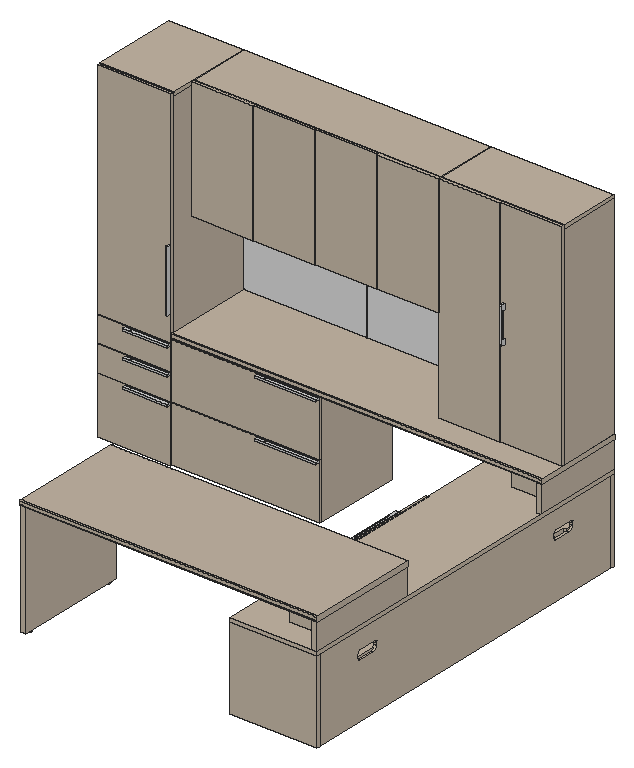
Revit family "FLT016", category Furniture, Revit 2015
Parameters
  Series = "Flux Laminate"
  Model = "JSI"
  Description = "FLT016"
Reference planes (in)
  plane 1 "Center Front/Back": y = 0
  plane 2: z = 0
  plane 3 "Center Left/Right": x = 0
Dimensions and locks (in)
  aligned and locked: level to plane 2
Nested families (in)
  nested 1: "JSI-Flux-Rec_Tbl_Desk-Sec_Sup" at (38.98853, -2.26209, 0), type "FLT2872PDEPR, 72 x 28 Pen Tbl Dsk Sec Supp Right, Laminate"
    with Width 6' - 0", R Pnl H 1' - 9", R yes, Pnl Dist 5' - 0 11/16", L Pnl H 0' - 0 5/16", Gld Pstn 0' - 0 23/32", Depth 2' - 3 1/2"
  nested 2: "JSI-Flux- 21H_File_Strg_Crdnz" at (64.1875, 34.87337, 0) x (0, -1, 0) z (0, 0, 1), type "FLT2290-21F090, Dbl Sldng Dr Crdnz, Laminate"
    with Width 7' - 6", Top Doors no, R_Shocket Dist 1' - 0.29167", R_Pull_Bottom no, R_Pull Dist 4' - 11.61979", R_Pull no, R1_Partition no, L_Socket Dist 1' - 0.29167", Shelf Width 2' - 4.95833", Shelf Array Dist 2' - 5.70833", Partition Dist 2' - 4.95833", L_Pull_Bottom no, L_Pull Dist 2' - 6.38021", L_Pull no, L2_Partition no, F666 no, F090 yes, Ext_Shelf Width 2' - 5.70833", Door Width 2' - 6.33333", Door Height 1' - 8 11/16", Door Dist 2' - 5.83333", Door Array Dist 0' - 0", C_Pull_Bottom no, C_Pull Dist 3' - 9", C_Doors no, # of Shelf 3
  nested 3: "JSI-Flux-Pensl_Crednz" at (21.06413, 60.25, 0), type "FLT2290-29FPC4K, Lt File Pnsl Crdnz, R, Laminate"
    with Width 7' - 6", V_Top_Support_Dist 7' - 4 3/4", R_Door_Void_Dist 0' - 2", Pdst_Depth 1' - 9 3/4", C4 yes, C3 no, L_Door_Void_Dist 0' - 2", H_Top_Support_Dist 6' - 6 3/4", Depth 1' - 10", C_Pull_Dist 3' - 0", C_Pull no
  nested 4: "JSI-Flux-Strg_Tower" at (81.06413, 60.25, 0), type "FLT1630-52STD, 52"h Strg Tower, 2 Dr, Laminate"
    with WB_Shelf_Dist 0' - 8 1/8", Top Width 2' - 5 7/8", Width 2' - 5 7/8", Shelf Width 2' - 4 3/8", Pull Distance 1' - 3 35/64", Part_R_Dist 2' - 5 1/8", L no, Door Width 1' - 2 7/8", Door Array Dist 1' - 3", Back Width 2' - 4 3/8"
  nested 5: "JSI-Flux-Wall_Mount_Dbl_Ht_OH" at (21.18913, 60.25, 22.9977), type "FLT1660-29WSO, Wall Mount Dbl Ht OH, 4 Dr, Laminate"
    with Width 4' - 11 7/8", Shelf Width_L 2' - 4 13/16", Shelf Width_R 2' - 4 13/16", Shelf Dist_R 2' - 6 5/16", Shelf Dist_C 0' - 0 3/4", Partition Distance_R 2' - 5 9/16", Partition Distance_L 2' - 5 9/16", Door Width 1' - 2 7/8", Door Array Distance 1' - 3", Shelf Width_Central 2' - 4 13/16", # of Doors 4
  nested 6: "JSI-Flux-Wall_Mount_Tack_Panel" at (21.06413, 61.83536, -1.18195), type "FLB3024WT, Wall Mount Tack Panel"
    with Width 2' - 6", Height 2' - 0", Depth 0' - 1.56"
  nested 7: "JSI-Flux-Wb_Pm_Ht" at (3.0641, 60.25, -0.21839), type "FLT2218-81F1DL, BBF Strg Cab, L, Laminate"
    with W yes, V_Void_Dist 0' - 2", V_Pull_R_L no, V_Pull_L_R yes, Top_Pull_Dist 0' - 6 29/32", R_Vertical_Pull_Dist 1' - 6 11/32", Partition no, L_Vertical_Pull_Dist 1' - 5 25/32", Hngr_L no, H_Void_Width 1' - 6 1/16", H_Void_Upper_Dist 0' - 2", H_Dist_V_Void 0' - 8 31/32", Top_Shelf_Width 1' - 4 1/2", H_Dist_Bottom_Shelf 0' - 0", F7 no, F2 no, F0 no, F no, C_Shelf_Width 1' - 4 1/2", C_Pull_Dist 0' - 6 29/32", Bottom_Shelf_Width 1' - 4 1/2", Bottom_Pull_Dist 0' - 6 29/32"
  nested 8: "JSI-Flux-Wall_Mount_Tack_Panel" at (51.06413, 61.83536, -1.18004), type "FLB3024WT, Wall Mount Tack Panel"
    with Width 2' - 6", Height 2' - 0", Depth 0' - 1.56"
Definition of nested family "JSI-Flux-Rec_Tbl_Desk-Sec_Sup"
  Parameters (values of type "Type Catalog Family -Table Desk")
    Worksurface = none
    Width = 5' - 0"
    URL = "www.jsifurniture.com"
    Type Comments = ""
    Series = "FLUX"  # constant formula
    R Pnl H = if(R, 1' 9", 0' 0 5/16")  # 0' - 0 5/16"
    R = no
    Pnl Dist = if(R, Width - 0' 11 5/16", 0' 1 5/16")  # 0' - 1 5/16"
    Model = "FLT3466PDN"
    Material = ""
    Manufacturer = "JSI"  # constant formula
    L Pnl H = if(R, 0' 0 5/16", 1' 9")  # 1' - 9"
    Keynote = "12500"
    JSI Enviromental Website = "http://www.jsifurniture.com/jsi_sustainability_intro.php"
    Height = 2' - 5"
    Glides = none
    Gld Pstn = if(R, 0' 0 23/32", Width - 0' 0 23/32")  # 4' - 11 9/32"
    Frame = none
    Description = "66 X 34 Rectangular Peninsula Table Desk with End Leg Assembly and Panel End"
    Depth = 2' - 9 1/2"
    Chassis = none
    Assembly Code = "E2020200"
  Reference planes (in)
    plane 1: z = 0
    plane 2 "Center (Left/Right)": x = -36.06413
    plane 3: z = 29
    plane 4: z = 27.8125
    plane 5 "Center (Front/Back)": y = 10.75
    plane 6: z = 0.3125
    plane 7: y = -22.75
    plane 8: x = 23.93587
  Forms (in)
    Extrusion 1, solid, material <- "Worksurface"
      sketch origin (0, 0, 0) x (0, 1, 0) y (0, 0, 1)
        loop
          arc (10.625, 27.8125) -> (10.71339, 27.84911) -> (10.75, 27.9375) r 0.125
          line (10.75, 27.9375) -> (10.75, 28.875)
          arc (10.75, 28.875) -> (10.71339, 28.96339) -> (10.625, 29) r 0.125
          line (10.625, 29) -> (-22.625, 29)
          arc (-22.625, 29) -> (-22.71339, 28.96339) -> (-22.75, 28.875) r 0.125
          line (-22.75, 28.875) -> (-22.75, 27.9375)
          arc (-22.75, 27.9375) -> (-22.71339, 27.84911) -> (-22.625, 27.8125) r 0.125
          line (-22.625, 27.8125) -> (10.625, 27.8125)
      from -36.06413 to 23.93587
    Extrusion 2, solid, material <- "Glides"
      sketch origin (0, 0, 0) x (1, 0, 0) y (0, 1, 0)
        loop
          circle (23.21712, 8.87431) r 0.55846
        loop
          circle (23.21712, -20.87431) r 0.55846
      from 0 to 0.3125
    Extrusion 3, solid, material <- "Chassis"
      sketch origin (0, 9.92698, 5.11224) x (0, -1, 0) y (0, 0, -1)
        loop
          line (6.30198, -16.70026) -> (5.11448, -16.70026) -> (5.11448, -22.70026) -> (6.30198, -22.70026) -> (6.30198, -16.70026)
      from -34.75163 to 22.62337
    Extrusion 4, solid, material <- "Chassis"
      sketch origin (1.1875, 0, 0) x (1, 0, 0) y (0, 1, 0)
        loop
          line (-35.93913, -15.625) -> (-35.93913, -16.8125) -> (-25.93913, -16.8125) -> (-25.93913, -15.625) -> (-35.93913, -15.625)
      from 21 to 27.8125
    Extrusion 5, solid, material <- "Chassis"
      sketch origin (0, 0, 0) x (1, 0, 0) y (0, 1, 0)
        loop
          line (-35.93913, 10.625) -> (-35.93913, -22.625) -> (-34.75163, -22.625) -> (-34.75163, 10.625) -> (-35.93913, 10.625)
      from 21 to 27.8125
    Extrusion 6, solid, material <- "Chassis"
      sketch origin (0, 0, 0) x (1, 0, 0) y (0, 1, 0)
        loop
          line (22.62337, 10.625) -> (22.62337, -22.625) -> (23.81087, -22.625) -> (23.81087, 10.625) -> (22.62337, 10.625)
      from 0.3125 to 27.8125
  Lines and regions (in)
    symbolic lines
      curve 1: line (-36.06413, -22.75, 0) -> (23.93587, -22.75, 0)
      curve 2: line (-36.06413, 10.75, 0) -> (-36.06413, -22.75, 0)
      curve 3: line (23.93587, 10.75, 0) -> (-36.06413, 10.75, 0)
      curve 4: line (23.93587, -22.75, 0) -> (23.93587, 10.75, 0)
    symbolic lines, detail levels medium+fine
      curve 5: line (-35.93913, 10.625, 0) -> (-35.93913, -22.625, 0)
      curve 6: line (-34.75163, 10.625, 0) -> (-35.93913, 10.625, 0)
      curve 7: line (22.62337, 4.8125, 0) -> (-34.75163, 4.8125, 0)
      curve 8: line (-34.75163, 3.625, 0) -> (22.62337, 3.625, 0)
      curve 9: line (-34.75163, -22.625, 0) -> (-34.75163, 10.625, 0)
      curve 10: line (-35.93913, -22.625, 0) -> (-34.75163, -22.625, 0)
      curve 11: line (-34.72038, -15.625, 0) -> (-24.78288, -15.625, 0)
      curve 12: line (-34.72038, -16.8125, 0) -> (-34.72038, -15.625, 0)
      curve 13: line (-24.78288, -16.8125, 0) -> (-34.72038, -16.8125, 0)
      curve 14: line (-24.78288, -15.625, 0) -> (-24.78288, -16.8125, 0)
      curve 15: line (22.62337, 10.625, 0) -> (22.62337, -22.625, 0)
      curve 16: line (23.81087, 10.625, 0) -> (22.62337, 10.625, 0)
      curve 17: line (23.81087, -22.625, 0) -> (23.81087, 10.625, 0)
      curve 18: line (22.62337, -22.625, 0) -> (23.81087, -22.625, 0)
  Dimensions and locks (in)
    locked: plane 6 to level at 0.3125
    "Depth": plane 7 to plane 5 "Center (Front/Back)"
    locked: plane 3 to plane 4 at 1.1875
    plane 3 to level = 2' - 5"
    "Width": plane 2 "Center (Left/Right)" to plane 8
    locked: Extrusion 2 sketch curve to plane 5 "Center (Front/Back)" at 1.87569
    locked: plane 7 to Extrusion 2 sketch curve at 1.87569
    "Gld Pstn": plane 2 "Center (Left/Right)" to Extrusion 2 sketch curve  (x2)
    plane 5 "Center (Front/Back)" to Extrusion 3 sketch curve to Extrusion 3 sketch curve = 0' - 5 15/16" locked, 0' - 1 3/16" locked
    locked: plane 4 to Extrusion 3 sketch curve at 6
    locked: Extrusion 4 sketch curve to Extrusion 4 sketch curve at 1.1875
    locked: Extrusion 4 sketch curve to Extrusion 4 sketch curve at 10
    "Pnl Dist": plane 2 "Center (Left/Right)" to Extrusion 4
    locked: Extrusion 4 to curve 12 at 0.03125
    locked: curve 14 to Extrusion 4 at 0.03125
    "L Pnl H": Extrusion 5 to level
    "R Pnl H": Extrusion 6 to level
    locked: Extrusion 4 to level at 21
    aligned and locked: level to plane 1
    aligned and locked: Extrusion 1 sketch curve to plane 5 "Center (Front/Back)"
    aligned and locked: plane 3 to Extrusion 1 sketch curve
    aligned and locked: Extrusion 1 sketch curve to plane 4
    aligned and locked: plane 7 to Extrusion 1 sketch curve
    aligned and locked: Extrusion 1 to plane 2 "Center (Left/Right)"
    aligned and locked: plane 8 to Extrusion 1
    aligned and locked: Extrusion 2 to level
    aligned and locked: plane 6 to Extrusion 2
    aligned and locked: curve 2 to plane 2 "Center (Left/Right)"
    aligned and locked: plane 8 to curve 4
    aligned and locked: curve 3 to plane 5 "Center (Front/Back)"
    aligned and locked: plane 7 to curve 1
    aligned and locked: Extrusion 3 sketch curve to plane 4
    aligned and locked: curve 11 to Extrusion 4
    aligned and locked: curve 13 to Extrusion 4
    aligned and locked: plane 4 to Extrusion 4
    aligned and locked: Extrusion 5 sketch curve to curve 6
    aligned and locked: Extrusion 5 sketch curve to curve 5
    aligned and locked: Extrusion 5 sketch curve to curve 9
    aligned and locked: Extrusion 6 sketch curve to curve 16
    aligned and locked: Extrusion 6 sketch curve to curve 15
    aligned and locked: Extrusion 6 sketch curve to curve 18
    aligned and locked: Extrusion 6 sketch curve to curve 17
    aligned and locked: plane 4 to Extrusion 5
    aligned and locked: plane 4 to Extrusion 6
  Automatic sketch dimensions
    curve 5 to curve 9 = 0' - 1 3/16"
    curve 8 to curve 6 = 0' - 7"
    curve 8 to curve 7 = 0' - 1 3/16"
    Extrusion 1 sketch curve to Extrusion 1 sketch curve = 0' - 0 1/8"  (x3)
    plane 4 to Extrusion 1 sketch curve = 0' - 0 1/8"
    Extrusion 4 sketch curve to plane 8 = 4' - 10 11/16"
    Extrusion 4 sketch curve to plane 7 = 0' - 5 15/16"
    plane 2 "Center (Left/Right)" to curve 6 = 0' - 0 1/8"
    plane 5 "Center (Front/Back)" to curve 15 = 0' - 0 1/8"
    curve 15 to plane 8 = 0' - 1 5/16"
    curve 18 to plane 8 = 0' - 0 1/8"
    curve 15 to plane 7 = 0' - 0 1/8"
    curve 10 to plane 7 = 0' - 0 1/8"
    plane 5 "Center (Front/Back)" to curve 6 = 0' - 0 1/8"
    Extrusion 5 sketch curve to plane 7 = 0' - 0 1/8"
    radius of Extrusion 2 sketch curve = 0' - 0.55846"  (x2)
Definition of nested family "JSI-Flux- 21H_File_Strg_Crdnz"
  Parameters (values of type "Type Catalog - File Strg Crdnz")
    Worksurface = none
    Width = 8' - 0"
    URL = "www.jsifurniture.com"
    Type Comments = ""
    Top Doors = if(F909, 1 > 2, (if(F090, 1 > 2, (if(F09, 1 > 2, (if(F0, (if(F6, 2 > 1, 1 > 2)), 2 > 1)))))))  # yes
    TAG = if(F6, "BF", (if(F666, "BF - BF - BF", (if(F66, (if(F0, "Open", "BF - BF")), (if(F066, "Open - BF - BF", (if(F660, "BF - BF - Open", (if(F06, "Open - BF", (if(F60, "BF - Open", (if(F606, "BF - Open - BF", (if(F060, (if(F0, "Open", "Open - BF - Open")), (if(F909, "1 Door - Open - 1 Door", (if(F090, "Open - 1 Door - Open", (if(F09, (if(F0, "Open", "Open - 1 Door")), "Open")))))))))))))))))))))))  # "BF - BF - BF"
    R_Shocket Dist = if(F666, Width + 0' 1", (if(F066, Width + 0' 1", (if(F606, ((Width / 2) - 0' 3"), ((Partition Dist / 2) + 0' 0 13/16" - 0' 3"))))))  # 8' - 1"
    R_Pull_Bottom = if(F660, 1 > 2, (if(F60, 1 > 2, (if(F060, 1 > 2, (if(F909, 1 > 2, (if(F090, 1 > 2, (if(F09, 1 > 2, (if(F0, 1 > 2, 2 > 1)))))))))))))  # yes
    R_Pull Dist = if(F66, (Door Width + 0' 0 1/4" + 0' 0 5/64"), (if(F06, (Door Width + 0' 0 1/4" + 0' 0 5/64"), (Door Width + (Width - ((Door Width + 0' 0 1/8") * 2) + 0' 0 13/64")))))  # 5' - 3.61979"
    R_Pull = if(F660, 1 > 2, (if(F60, 1 > 2, (if(F060, 1 > 2, (if(F090, 1 > 2, (if(F0, 1 > 2, 2 > 1)))))))))  # yes
    R2_Partition = if(F660, 1 > 2, (if(F60, 1 > 2, (if(F09, 1 > 2, (if(Width < 3' 4", 1 > 2, 2 > 1)))))))  # yes
    R1_Partition = if(F06, 1 > 2, (if(F606, 1 > 2, (if(F060, 1 > 2, (if(F909, 1 > 2, (if(F090, 1 > 2, (if(Width < 3' 4", 1 > 2, 2 > 1)))))))))))  # yes
    L_Socket Dist = if(F666, Width + 0' 1", (if(F660, Width + 0' 1", (if(F606, ((Width / 2) - 0' 3"), ((Partition Dist / 2) + 0' 0 13/16" - 0' 3"))))))  # 8' - 1"
    Shelf Width = if(Width < 3' 6", Partition Dist + 0' 0 3/4", (if(F066, Partition Dist + 0' 0 3/4", (if(F660, Partition Dist + 0' 0 3/4", (if(F06, Partition Dist + 0' 0 3/4", (if(F60, Partition Dist + 0' 0 3/4", Partition Dist)))))))))  # 2' - 6.95833"
    Shelf Dist. = if(F660, ((Partition Dist * 2) + 0' 0 3/4" + 0' 0 13/16"), (if(F60, (Partition Dist + 0' 0 3/4" + 0' 0 13/16"), (if(F606, (Partition Dist + 0' 0 3/4" + 0' 0 13/16"), 0' 0 13/16")))))  # 0' - 0 13/16"
    Shelf Array Dist = if(F060, (if(F0, (if(Width > 3' 0", Shelf Width + 0' 0 3/4", 0' 0")), ((Shelf Width * 2) + 0' 1 1/2"))), (if(F909, Shelf Width + 0' 0 3/4", (if(F090, Shelf Width + 0' 0 3/4", 0' 0")))))  # 0' - 0"
    Partition Dist = if(Width > 6' 6", ((Width - 0' 1 5/8" - 0' 1 1/2") / 3), (if(Width > 3' 0", (((Width - 0' 1 5/8") / 2) - 0' 0 3/4"), (Width - 0' 0 3/4" - 0' 1 5/8"))))  # 2' - 6.95833"
    Shelf = none
    Series = "FLUX"  # constant formula
    Pull Finish = none
    Model = ""
    Manufacturer = "JSI"  # constant formula
    L_Pull_Bottom = if(F066, 1 > 2, (if(F06, 1 > 2, (if(F060, 1 > 2, (if(F909, 1 > 2, (if(F090, 1 > 2, (if(F09, 1 > 2, (if(F0, 1 > 2, 2 > 1)))))))))))))  # yes
    L_Pull Dist = Door Width + 0' 0 1/8" - 0' 0 5/64"  # 2' - 8.38021"
    L_Pull = if(F066, 1 > 2, (if(F06, 1 > 2, (if(F060, 1 > 2, (if(F090, 1 > 2, (if(F09, 1 > 2, (if(F0, 1 > 2, 2 > 1)))))))))))  # yes
    L2_Partition = if(F60, 1 > 2, (if(F606, 1 > 2, (if(F060, 1 > 2, (if(F909, 1 > 2, (if(F090, 1 > 2, (if(F09, 1 > 2, (if(Width < 3' 4", 1 > 2, 2 > 1)))))))))))))  # yes
    L1_Partition = if(F066, 1 > 2, (if(F06, 1 > 2, (if(Width < 3' 4", 1 > 2, 2 > 1)))))  # yes
    Keynote = "12500"
    JSI Enviromental Website = "http://www.jsifurniture.com/jsi_sustainability_intro.php"
    Height = 1' - 9 1/4"
    Glides = none
    Glide = if(Width > 3' 0", 2 > 1, 1 > 2)  # yes
    F909 = no
    F666 = yes
    F660 = no
    F66 = no
    F606 = no
    F60 = no
    F6 = no
    F090 = no
    F09 = no
    F066 = no
    F060 = no
    F06 = no
    F0 = no
    Ext_Shelf Width = Shelf Width + 0' 0 3/4"  # 2' - 7.70833"
    Ext_Shelf = if(F09, 2 > 1, (if(F60, 2 > 1, 1 > 2)))  # no
    Door Width = if(F09, Partition Dist + 0' 1 3/8" + 0' 0 3/4", (if(Width < 3' 6", (Width - 0' 0 1/4"), Partition Dist + 0' 1 3/8")))  # 2' - 8.33333"
    Door Height = if(F909, (Height - 0' 0 7/16" - 0' 0 1/8"), (if(F090, (Height - 0' 0 7/16" - 0' 0 1/8"), if(F09, (Height - 0' 0 7/16" - 0' 0 1/8"), 1' 1 9/16"))))  # 1' - 1 9/16"
    Door Dist = if(F066, ((Partition Dist * 2) + 0' 1 5/8"), (if(F06, (Partition Dist + 0' 1 5/8"), (if(F060, (Partition Dist + 0' 0 7/8"), (if(F090, (Partition Dist + 0' 0 7/8"), (if(F09, (Partition Dist + 0' 0 7/8"), 0' 0 1/8")))))))))  # 0' - 0 1/8"
    Door Array Dist = if(F606, (Door Width + Partition Dist + 0' 0 1/8"), (if(F909, (Door Width + Partition Dist + 0' 0 1/8"), (if(F666, (Door Width + Partition Dist + 0' 0 1/8"), (if(F66, (Door Width + 0' 0 1/8"), 0' 0")))))))  # 5' - 3.41667"
    Door = if(F0, (if(F6, 2 > 1, 1 > 2)), 2 > 1)  # yes
    C_Pull_Bottom = if(F666, 2 > 1, (if(F066, 2 > 1, (if(F660, 2 > 1, (if(F6, 2 > 1, (if(F060, (if(F0, 1 > 2, 2 > 1)), 1 > 2)))))))))  # yes
    C_Pull Dist = if(F066, Door Width + 0' 0 1/8" + 0' 7 55/128" + 0' 0 13/64", (if(F660, (Door Width + (Width - ((Door Width + 0' 0 1/8") * 2) - 0' 0 5/64" - 0' 7 55/128")), Width / 2)))  # 4' - 0"
    C_Pull = if(F666, 2 > 1, (if(F066, 2 > 1, (if(F660, 2 > 1, (if(F6, 2 > 1, (if(F090, 2 > 1, (if(F060, (if(F0, 1 > 2, 2 > 1)), 1 > 2)))))))))))  # yes
    C_Doors = if(F666, 2 > 1, (if(F066, 2 > 1, (if(F660, 2 > 1, 1 > 2)))))  # yes
    Back Panel = none
    Door Front = none
    Description = ""
    Depth = 1' - 10"
    Chassis = none
    Assembly Code = "E2020200"
    # of Shelf = if(F909, 3, (if(F090, 3, (if(F0, (if(Width > 6' 6", 3, 2)), 2)))))  # 2
    # of Doors = 2
  Reference planes (in)
    plane 1: z = 0
    plane 2 "Center (Left/Right)": x = -36.06413
    plane 3 "Center (Front/Back)": y = 10.75
    plane 4: x = 59.93587
    plane 5: x = -36.00163
    plane 6: y = 10.6875
    plane 7: x = 59.87337
    plane 8: x = 11.93587
    plane 9: y = 10.625
    plane 10: y = -11.25
    plane 11: y = -11.125
    plane 12: y = -10.375
    plane 13: y = 9.875
    plane 14: y = 8.6875
    plane 15: y = 6.5
    plane 16: y = 6
    plane 17: y = 5.875
    plane 18: y = -6.375
    plane 19: y = -8.125
    plane 20: z = 0.3125
    plane 21: z = 1.5
    plane 22: z = 2.25
    plane 23: z = 21.25
    plane 24: z = 20.5
    plane 25: z = 19.75
    plane 26: z = 17.75
    plane 27: z = 13.625
    plane 28: z = 14
    plane 29: z = 13.25
    plane 30: x = -4.2933
    plane 31: x = 28.16503
    plane 32: x = -3.5433
    plane 33: x = 27.41503
    plane 34: x = -35.25163
    plane 35: x = 59.12337
    plane 36: x = 9.93587
    plane 37: x = 13.93587
    plane 38: y = 8.4375
    plane 39: z = 16.125
    plane 40: x = 60.93587
    plane 41: x = 66.93587
    plane 42: x = 8.93587
    plane 43: x = 14.93587
    plane 44: y = 9.375
    plane 45: y = 6.875
    plane 46: z = 21.125
    plane 47: z = 0.4375
    plane 48: z = 14
    plane 49: x = -35.93913
    plane 50: x = 59.81087
    plane 51: x = -2.7933
    plane 52: x = 26.66503
    plane 53: x = -3.6058
    plane 54: x = -3.4808
    plane 55: x = 27.35253
    plane 56: x = 27.47753
    plane 57: x = -3.25163
    plane 58: x = 27.7067
    plane 59: x = 61.93587
    plane 60: x = 65.93587
    plane 61: x = -43.06413
    plane 62: x = -37.06413
    plane 63: x = -42.06413
    plane 64: x = -38.06413
    plane 65: x = -34.93913
    plane 66: x = 58.12337
    plane 67: y = -9.375
    plane 68: z = 20.92187
    plane 69: z = 13.79688
    plane 70: x = -3.68393
    plane 71: x = 11.93587
    plane 72: x = 27.55566
    plane 73: x = 11.93587
    plane 74: y = 0.15625
    plane 75: x = 11.93587
    plane 76: z = 0.3125
    plane 77: z = 14.125
    plane 78: x = -34.25163
  Forms (in)
    Extrusion 1, solid, material <- "Chassis"
      sketch origin (0, 0, 0) x (1, 0, 0) y (0, 1, 0)
        loop
          line (-36.00163, 10.6875) -> (-36.00163, -10.375) -> (-35.25163, -10.375) -> (-35.25163, 10.6875) -> (-36.00163, 10.6875)
      from 0.3125 to 20.5
    Extrusion 2, solid, material <- "Chassis"
      sketch origin (0, 0, 0) x (1, 0, 0) y (0, 1, 0)
        loop
          line (59.12337, 10.6875) -> (59.12337, -10.375) -> (59.87337, -10.375) -> (59.87337, 10.6875) -> (59.12337, 10.6875)
      from 0.3125 to 20.5
    Extrusion 3, solid, material <- "Worksurface"
      sketch origin (0, 0, 0) x (0, 1, 0) y (0, 0, 1)
        loop
          line (6, 19.75) -> (6, 20.5) -> (-10.375, 20.5) -> (-10.375, 19.75) -> (6, 19.75)
      from -35.25163 to 59.12337
    Extrusion 4, solid, material <- "Chassis"
      sketch origin (0, 0, 0) x (0, 1, 0) y (0, 0, 1)
        loop
          line (9.875, 2.25) -> (-10.375, 2.25) -> (-10.375, 1.5) -> (9.875, 1.5) -> (9.875, 2.25)
      from -35.25163 to 59.12337
    Extrusion 5, solid, material <- "Chassis", visible <- "L1_Partition"
      sketch origin (0, 0, 0) x (0, 1, 0) y (0, 0, 1)
        loop
          line (6.5, 19.75) -> (-10.375, 19.75) -> (-10.375, 2.25) -> (9.875, 2.25) -> (9.875, 17.75) -> (7, 17.75)
          arc (7, 17.75) -> (6.64645, 17.89645) -> (6.5, 18.25) r 0.5
          line (6.5, 18.25) -> (6.5, 19.75)
      from -4.2933 to -3.5433
    Extrusion 6, solid, material <- "Chassis", visible <- "R2_Partition"
      sketch origin (0, 0, 0) x (0, 1, 0) y (0, 0, 1)
        loop
          line (6.5, 19.75) -> (-10.375, 19.75) -> (-10.375, 2.25) -> (9.875, 2.25) -> (9.875, 17.75) -> (7, 17.75)
          arc (7, 17.75) -> (6.64645, 17.89645) -> (6.5, 18.25) r 0.5
          line (6.5, 18.25) -> (6.5, 19.75)
      from 27.41503 to 28.16503
    Extrusion 7, solid, material <- "Back Panel"
      sketch origin (0, 0, 0) x (0, 1, 0) y (0, 0, 1)
        loop
          line (8.6875, 20.5) -> (8.6875, 17.75) -> (9.875, 17.75) -> (9.875, 20.5) -> (8.6875, 20.5)
      from -35.25163 to 59.12337
    Extrusion 8, solid, material <- "Chassis"
      sketch origin (0, 0, 0) x (0, 1, 0) y (0, 0, 1)
        loop
          line (9.875, 1.5) -> (5.875, 1.5) -> (5.875, 0.3125) -> (9.875, 0.3125) -> (9.875, 1.5)
      from -35.25163 to 59.12337
    Extrusion 9, solid, material <- "Chassis"
      sketch origin (0, 0, 0) x (0, 1, 0) y (0, 0, 1)
        loop
          line (-6.375, 1.5) -> (-10.375, 1.5) -> (-10.375, 0.3125) -> (-6.375, 0.3125) -> (-6.375, 1.5)
      from -35.25163 to 59.12337
    Extrusion 10, solid, material <- "Shelf"
      sketch origin (-32, 0, -1.03125) x (1, 0, 0) y (0, 1, 0)
        loop
          line (27.7067, -8.125) -> (27.7067, 9.875) -> (-3.25163, 9.875) -> (-3.25163, -8.125) -> (27.7067, -8.125)
      from 14.28125 to 15.03125
    Extrusion 11, solid, material <- "Back Panel"
      sketch origin (0, 0, 0) x (1, 0, 0) y (0, 1, 0)
        loop
          line (59.12337, 10.625) -> (-35.25163, 10.625) -> (-35.25163, 9.875) -> (59.12337, 9.875) -> (59.12337, 10.625)
      from 0.3125 to 20.5
    Extrusion 12, solid, material <- "Chassis", visible <- "L2_Partition"
      sketch origin (0, 0, 0) x (0, 1, 0) y (0, 0, 1)
        loop
          line (6.5, 19.75) -> (-10.375, 19.75) -> (-10.375, 2.25) -> (9.875, 2.25) -> (9.875, 17.75) -> (7, 17.75)
          arc (7, 17.75) -> (6.64645, 17.89645) -> (6.5, 18.25) r 0.5
          line (6.5, 18.25) -> (6.5, 19.75)
      from -3.5433 to -2.7933
    Extrusion 13, solid, material <- "Chassis", visible <- "R1_Partition"
      sketch origin (0, 0, 0) x (0, 1, 0) y (0, 0, 1)
        loop
          line (6.5, 19.75) -> (-10.375, 19.75) -> (-10.375, 2.25) -> (9.875, 2.25) -> (9.875, 17.75) -> (7, 17.75)
          arc (7, 17.75) -> (6.64645, 17.89645) -> (6.5, 18.25) r 0.5
          line (6.5, 18.25) -> (6.5, 19.75)
      from 26.66503 to 27.41503
    Extrusion 14, void
      sketch origin (-1.5, 0, 0) x (1, 0, 0) y (0, 0, 1)
        loop
          line (62.43587, 15.125) -> (62.43587, 14.625)
          arc (62.43587, 14.625) -> (62.72876, 13.91789) -> (63.43587, 13.625) r 1
          line (63.43587, 13.625) -> (67.43587, 13.625)
          arc (67.43587, 13.625) -> (68.14297, 13.91789) -> (68.43587, 14.625) r 1
          line (68.43587, 14.625) -> (68.43587, 15.125)
          arc (68.43587, 15.125) -> (68.14297, 15.83211) -> (67.43587, 16.125) r 1
          line (67.43587, 16.125) -> (63.43587, 16.125)
          arc (63.43587, 16.125) -> (62.72876, 15.83211) -> (62.43587, 15.125) r 1
      from -10.75 to -9.875
    Extrusion 15, solid, material <- "Shelf"
      sketch origin (-32, 0, -1.03125) x (1, 0, 0) y (0, 1, 0)
        loop
          line (27.7067, -8.125) -> (27.7067, 9.875) -> (-3.25163, 9.875) -> (-3.25163, -8.125) -> (27.7067, -8.125)
      from 14.28125 to 15.03125
    Extrusion 16, void
      sketch origin (0, 0, 0) x (1, 0, 0) y (0, 1, 0)
        loop
          line (65.93587, 10.75) -> (61.93587, 10.75) -> (61.93587, 9.875)
          arc (61.93587, 9.875) -> (62.08231, 9.52145) -> (62.43587, 9.375) r 0.5
          line (62.43587, 9.375) -> (65.43587, 9.375)
          arc (65.43587, 9.375) -> (65.78942, 9.52145) -> (65.93587, 9.875) r 0.5
          line (65.93587, 9.875) -> (65.93587, 10.75)
      from 13.25 to 14
    Extrusion 17, void
      sketch origin (18, 0, 0) x (1, 0, 0) y (0, 1, 0)
        loop
          line (-56.06413, 10.75) -> (-60.06413, 10.75) -> (-60.06413, 9.875)
          arc (-60.06413, 9.875) -> (-59.91769, 9.52145) -> (-59.56413, 9.375) r 0.5
          line (-59.56413, 9.375) -> (-56.56413, 9.375)
          arc (-56.56413, 9.375) -> (-56.21058, 9.52145) -> (-56.06413, 9.875) r 0.5
          line (-56.06413, 9.875) -> (-56.06413, 10.75)
      from 13.25 to 14
    Extrusion 18, void
      sketch origin (0, 0, 0) x (1, 0, 0) y (0, 0, 1)
        loop
          arc (-42.06413, 16.125) -> (-42.77124, 15.83211) -> (-43.06413, 15.125) r 1
          line (-43.06413, 15.125) -> (-43.06413, 14.625)
          arc (-43.06413, 14.625) -> (-42.77124, 13.91789) -> (-42.06413, 13.625) r 1
          line (-42.06413, 13.625) -> (-38.06413, 13.625)
          arc (-38.06413, 13.625) -> (-37.35703, 13.91789) -> (-37.06413, 14.625) r 1
          line (-37.06413, 14.625) -> (-37.06413, 15.125)
          arc (-37.06413, 15.125) -> (-37.35703, 15.83211) -> (-38.06413, 16.125) r 1
          line (-38.06413, 16.125) -> (-42.06413, 16.125)
      from -10.75 to -9.875
    Extrusion 19, solid, material <- "Door Front", visible <- "C_Doors"
      sketch origin (0, 0, 0) x (1, 0, 0) y (0, 1, 0)
        loop
          line (-3.4808, -10.375) -> (-3.4808, -11.125) -> (27.35253, -11.125) -> (27.35253, -10.375) -> (-3.4808, -10.375)
      from 0.4375 to 14
    Extrusion 20, solid, material <- "Door Front", visible <- "C_Doors"
      sketch origin (0, 0, 0) x (1, 0, 0) y (0, 1, 0)
        loop
          line (-3.4808, -10.375) -> (-3.4808, -11.125) -> (27.35253, -11.125) -> (27.35253, -10.375) -> (-3.4808, -10.375)
      from 14.125 to 21.125
    Extrusion 21, solid, material <- "Door Front", visible <- "Door"
      sketch origin (0, 0, 0) x (1, 0, 0) y (0, 0, 1)
        loop
          line (-35.93913, 14) -> (-35.93913, 0.4375) -> (-3.6058, 0.4375) -> (-3.6058, 14) -> (-35.93913, 14)
      from 10.375 to 11.125
    Extrusion 22, solid, material <- "Door Front", visible <- "Top Doors"
      sketch origin (0, 0, -6.5625) x (1, 0, 0) y (0, 0, 1)
        loop
          line (-35.93913, 27.6875) -> (-35.93913, 20.6875) -> (-3.6058, 20.6875) -> (-3.6058, 27.6875) -> (-35.93913, 27.6875)
      from 10.375 to 11.125
    Extrusion 23, solid, material <- "Door Front", visible <- "Door"
      sketch origin (63.41667, 0, 0) x (1, 0, 0) y (0, 0, 1)
        loop
          line (-35.93913, 14) -> (-35.93913, 0.4375) -> (-3.6058, 0.4375) -> (-3.6058, 14) -> (-35.93913, 14)
      from 10.375 to 11.125
    Extrusion 24, solid, material <- "Door Front", visible <- "Top Doors"
      sketch origin (63.41667, 0, -6.5625) x (1, 0, 0) y (0, 0, 1)
        loop
          line (-35.93913, 27.6875) -> (-35.93913, 20.6875) -> (-3.6058, 20.6875) -> (-3.6058, 27.6875) -> (-35.93913, 27.6875)
      from 10.375 to 11.125
    Extrusion 25, solid, material <- "Worksurface"
      sketch origin (0, 0, 0) x (0, 1, 0) y (0, 0, 1)
        loop
          line (10.75, 21.25) -> (-10.375, 21.25) -> (-10.375, 20.5) -> (10.75, 20.5) -> (10.75, 21.25)
      from -36.06413 to 59.93587
    Extrusion 26, solid, material <- "Shelf", visible <- "Ext_Shelf"
      sketch origin (0, 0, 0) x (1, 0, 0) y (0, 1, 0)
        loop
          line (59.12337, 9.875) -> (27.41503, 9.875) -> (27.41503, -8.125) -> (59.12337, -8.125) -> (59.12337, 9.875)
      from 13.25 to 14
    Extrusion 27, solid, material <- "Glides"
      sketch origin (0, 0, 0) x (1, 0, 0) y (0, 1, 0)
        loop
          circle (-34.25163, 8.6875) r 0.5
      from 0 to 0.3125
    Extrusion 28, solid, material <- "Glides", visible <- "Glide"
      sketch origin (0, 0, 0) x (1, 0, 0) y (0, 1, 0)
        loop
          circle (-3.5433, 8.6875) r 0.5
      from 0 to 0.3125
    Extrusion 29, solid, material <- "Glides", visible <- "Glide"
      sketch origin (0, 0, 0) x (1, 0, 0) y (0, 1, 0)
        loop
          circle (27.47753, 8.6875) r 0.5
      from 0 to 0.3125
    Extrusion 30, solid, material <- "Glides"
      sketch origin (0, 0, 0) x (1, 0, 0) y (0, 1, 0)
        loop
          circle (58.12337, 8.6875) r 0.5
      from 0 to 0.3125
    Extrusion 31, solid, material <- "Glides"
      sketch origin (0, 0, 0) x (1, 0, 0) y (0, 1, 0)
        loop
          circle (-34.25163, -9.375) r 0.5
      from 0 to 0.3125
    Extrusion 32, solid, material <- "Glides", visible <- "Glide"
      sketch origin (0, 0, 0) x (1, 0, 0) y (0, 1, 0)
        loop
          circle (-3.5433, -9.375) r 0.5
      from 0 to 0.3125
    Extrusion 33, solid, material <- "Glides", visible <- "Glide"
      sketch origin (0, 0, 0) x (1, 0, 0) y (0, 1, 0)
        loop
          circle (27.47753, -9.375) r 0.5
      from 0 to 0.3125
    Extrusion 34, solid, material <- "Glides"
      sketch origin (0, 0, 0) x (1, 0, 0) y (0, 1, 0)
        loop
          circle (58.12337, -9.375) r 0.5
      from 0 to 0.3125
  Cuts and joins
    Extrusion 14, Extrusion 18 cuts Extrusion 11
    Extrusion 16, Extrusion 17 cuts Extrusion 10
    Extrusion 16, Extrusion 17 cuts Extrusion 15
  Lines and regions (in)
    symbolic lines
      curve 1: line (59.93587, 10.75, 0) -> (-36.06413, 10.75, 0)
      curve 2: line (-36.06413, 10.75, 0) -> (-36.06413, -11.25, 0)
      curve 3: line (59.93587, -11.25, 0) -> (-36.06413, -11.25, 0)
      curve 4: line (59.93587, 10.75, 0) -> (59.93587, -11.25, 0)
    symbolic lines, detail levels medium+fine
      curve 5: line (-36.00163, 10.6875, 0) -> (-36.00163, -10.375, 0)
      curve 6: line (-35.25163, 10.6875, 0) -> (-36.00163, 10.6875, 0)
      curve 7: line (-35.25163, 10.6875, 0) -> (-35.25163, -10.375, 0)
      curve 8: line (-35.25163, -10.375, 0) -> (-36.00163, -10.375, 0)
      curve 9: line (59.12337, 10.6875, 0) -> (59.12337, -10.375, 0)
      curve 10: line (59.87337, 10.6875, 0) -> (59.87337, -10.375, 0)
      curve 11: line (59.87337, 10.6875, 0) -> (59.12337, 10.6875, 0)
      curve 12: line (59.12337, 10.625, 0) -> (-35.25163, 10.625, 0)
      curve 13: line (59.12337, 9.875, 0) -> (-35.25163, 9.875, 0)
      curve 30: line (59.87337, -10.375, 0) -> (59.12337, -10.375, 0)
    symbolic lines, visible <- "L1_Partition", detail levels medium+fine
      curve 14: line (-4.2933, 9.875, 0) -> (-4.2933, -10.375, 0)
      curve 15: line (-3.5433, 9.875, 0) -> (-3.5433, -10.375, 0)
      curve 16: line (-3.5433, 9.875, 0) -> (-4.2933, 9.875, 0)
      curve 17: line (-3.5433, -10.375, 0) -> (-4.2933, -10.375, 0)
    symbolic lines, visible <- "L2_Partition", detail levels medium+fine
      curve 18: line (-3.5433, 9.875, 0) -> (-3.5433, -10.375, 0)
      curve 19: line (-2.7933, 9.875, 0) -> (-2.7933, -10.375, 0)
      curve 20: line (-2.7933, 9.875, 0) -> (-3.5433, 9.875, 0)
      curve 21: line (-2.7933, -10.375, 0) -> (-3.5433, -10.375, 0)
    symbolic lines, visible <- "R1_Partition", detail levels medium+fine
      curve 22: line (26.66503, 9.875, 0) -> (26.66503, -10.375, 0)
      curve 23: line (27.41503, 9.875, 0) -> (27.41503, -10.375, 0)
      curve 24: line (27.41503, 9.875, 0) -> (26.66503, 9.875, 0)
      curve 25: line (27.41503, -10.375, 0) -> (26.66503, -10.375, 0)
    symbolic lines, visible <- "R2_Partition", detail levels medium+fine
      curve 26: line (27.41503, 9.875, 0) -> (27.41503, -10.375, 0)
      curve 27: line (28.16503, 9.875, 0) -> (28.16503, -10.375, 0)
      curve 28: line (28.16503, -10.375, 0) -> (27.41503, -10.375, 0)
      curve 29: line (28.16503, 9.875, 0) -> (27.41503, 9.875, 0)
  Dimensions and locks (in)
    plane 2 "Center (Left/Right)" to plane 5 to plane 49 = 0' - 0 1/16" locked, 0' - 0 1/16" locked
    plane 50 to plane 7 to plane 4 = 0' - 0 1/16" locked, 0' - 0 1/16" locked
    "Width": plane 2 "Center (Left/Right)" to plane 4
    equal spacing: plane 2 "Center (Left/Right)", plane 8, plane 4
    plane 14 to plane 13 to plane 9 to plane 6 to plane 3 "Center (Front/Back)" = 0' - 1 3/16" locked, 0' - 0 3/4" locked, 0' - 0 1/16" locked, 0' - 0 1/16" locked
    "Depth": plane 10 to plane 3 "Center (Front/Back)"
    plane 10 to plane 11 to plane 12 = 0' - 0 1/8" locked, 0' - 0 3/4" locked
    plane 16 to plane 15 to plane 13 = 0' - 0 1/2" locked, 0' - 3 3/8" locked
    locked: plane 17 to plane 13 at 4
    locked: plane 12 to plane 18 at 4
    locked: plane 12 to plane 19 at 2.25
    locked: plane 23 to plane 24 at 0.75
    plane 24 to plane 25 to plane 26 = 0' - 0 3/4" locked, 0' - 2" locked
    locked: plane 22 to plane 21 at 0.75
    locked: plane 28 to plane 29 at 0.75
    plane 30 to plane 32 to plane 51 = 0' - 0 3/4" locked, 0' - 0 3/4" locked
    plane 52 to plane 33 to plane 31 = 0' - 0 3/4" locked, 0' - 0 3/4" locked
    locked: plane 5 to plane 34 at 0.75
    locked: plane 35 to plane 7 at 0.75
    locked: plane 36 to plane 37 at 4
    equal spacing: plane 36, plane 8, plane 37
    locked: plane 38 to plane 13 at 1.4375
    locked: plane 39 to plane 27 at 2.5
    locked: plane 40 to plane 41 at 6
    locked: plane 42 to plane 43 at 6
    equal spacing: plane 42, plane 8, plane 43
    plane 45 to plane 44 to plane 13 = 0' - 2 1/2" locked, 0' - 0 1/2" locked
    locked: plane 47 to plane 20 at 0.125
    locked: plane 48 to plane 47 at 13.5625
    plane 53 to plane 32 to plane 54 = 0' - 0 1/16" locked, 0' - 0 1/16" locked
    plane 55 to plane 33 to plane 56 = 0' - 0 1/16" locked, 0' - 0 1/16" locked
    "Partition Dist": plane 34 to plane 30
    "Partition Dist": plane 31 to plane 35
    Extrusion 14 sketch curve to Extrusion 14 sketch curve = 0' - 6"
    "Shelf Width": plane 57 to plane 58
    group 1 to group 2 = 0' - 0"  (x3)
    "Shelf Array Dist": Extrusion 10 to Extrusion 15
    "Shelf Dist.": plane 2 "Center (Left/Right)" to Extrusion 10
    locked: plane 40 to plane 59 at 1
    locked: plane 60 to plane 41 at 1
    locked: plane 61 to plane 62 at 6
    locked: plane 61 to plane 63 at 1
    locked: plane 64 to plane 62 at 1
    "L_Socket Dist": plane 2 "Center (Left/Right)" to plane 40
    "R_Shocket Dist": plane 62 to plane 4
    "Shelf Width": Extrusion 10 sketch curve to Extrusion 10 sketch curve
    "Shelf Width": Extrusion 15 sketch curve to Extrusion 15 sketch curve
    "Door Height": Extrusion 21 sketch curve to Extrusion 21 sketch curve
    "Door Width": Extrusion 21 sketch curve to Extrusion 21 sketch curve
    "Door Width": Extrusion 22 sketch curve to Extrusion 22 sketch curve
    "Door Height": Extrusion 23 sketch curve to Extrusion 23 sketch curve
    "Door Width": Extrusion 23 sketch curve to Extrusion 23 sketch curve
    group 3 to group 4 = 5' - 3.41667"
    group 3 to group 4 = 0' - 0"  (x2)
    "Door Array Dist": Extrusion 21 to Extrusion 23
    "Door Dist": Extrusion 21 to plane 2 "Center (Left/Right)"
    "Door Width": Extrusion 24 sketch curve to Extrusion 24 sketch curve
    group 5 to group 6 = 5' - 3.41667"
    group 5 to group 6 = 0' - 0"  (x2)
    "Door Array Dist": Extrusion 22 to Extrusion 24
    "Door Dist": Extrusion 22 to plane 2 "Center (Left/Right)"
    locked: plane 49 to plane 65 at 1
    locked: plane 66 to plane 35 at 1
    locked: plane 12 to plane 67 at 1
    locked: plane 48 to plane 69 at 0.20312
    locked: plane 46 to plane 68 at 0.20313
    "L_Pull Dist": plane 2 "Center (Left/Right)" to plane 70
    "C_Pull Dist": plane 2 "Center (Left/Right)" to plane 71
    "R_Pull Dist": plane 2 "Center (Left/Right)" to plane 72
    equal spacing: plane 2 "Center (Left/Right)", plane 73, plane 4
    equal spacing: plane 12, plane 74, plane 6
    equal spacing: plane 2 "Center (Left/Right)", plane 75, plane 4
    locked: plane 21 to plane 20 at 1.1875
    "Ext_Shelf Width": Extrusion 26 sketch curve to Extrusion 26 sketch curve
    locked: plane 76 to plane 1 at 0.3125
    locked: plane 23 to plane 46 at 0.125
    locked: plane 46 to plane 77 at 7
    locked: plane 26 to plane 39 at 1.625
    "Height": plane 23 to plane 1
    locked: plane 34 to plane 78 at 1
    radius of Extrusion 27 sketch curve = 0' - 0 1/2"
    radius of Extrusion 28 sketch curve = 0' - 0 1/2"
    radius of Extrusion 29 sketch curve = 0' - 0 1/2"
    radius of Extrusion 30 sketch curve = 0' - 0 1/2"
    radius of Extrusion 31 sketch curve = 0' - 0 1/2"
    radius of Extrusion 32 sketch curve = 0' - 0 1/2"
    radius of Extrusion 33 sketch curve = 0' - 0 1/2"
    radius of Extrusion 34 sketch curve = 0' - 0 1/2"
    aligned and locked: level to plane 1
    aligned and locked: Extrusion 1 sketch curve to plane 5
    aligned and locked: Extrusion 1 sketch curve to plane 6
    aligned and locked: Extrusion 1 sketch curve to plane 34
    aligned and locked: Extrusion 1 sketch curve to plane 12
    aligned and locked: Extrusion 2 sketch curve to plane 35
    aligned and locked: Extrusion 2 sketch curve to plane 7
    aligned and locked: Extrusion 2 sketch curve to plane 6
    aligned and locked: Extrusion 2 sketch curve to plane 12
    aligned and locked: plane 24 to Extrusion 1
    aligned and locked: Extrusion 1 to plane 20
    aligned and locked: plane 24 to Extrusion 2
    aligned and locked: Extrusion 2 to plane 20
    aligned and locked: plane 25 to Extrusion 3 sketch curve
    aligned and locked: plane 24 to Extrusion 3 sketch curve
    aligned and locked: plane 16 to Extrusion 3 sketch curve
    aligned and locked: plane 12 to Extrusion 3 sketch curve
    aligned and locked: Extrusion 3 to plane 34
    aligned and locked: plane 35 to Extrusion 3
    aligned and locked: plane 22 to Extrusion 4 sketch curve
    aligned and locked: plane 21 to Extrusion 4 sketch curve
    aligned and locked: plane 13 to Extrusion 4 sketch curve
    aligned and locked: plane 12 to Extrusion 4 sketch curve
    aligned and locked: Extrusion 4 to plane 34
    aligned and locked: plane 35 to Extrusion 4
    aligned and locked: plane 25 to Extrusion 5 sketch curve
    aligned and locked: plane 15 to Extrusion 5 sketch curve
    aligned and locked: plane 26 to Extrusion 5 sketch curve
    aligned and locked: plane 13 to Extrusion 5 sketch curve
    aligned and locked: plane 22 to Extrusion 5 sketch curve
    aligned and locked: plane 12 to Extrusion 5 sketch curve
    aligned and locked: Extrusion 5 to plane 30
    aligned and locked: plane 32 to Extrusion 5
    aligned and locked: plane 25 to Extrusion 6 sketch curve
    aligned and locked: plane 12 to Extrusion 6 sketch curve
    aligned and locked: plane 15 to Extrusion 6 sketch curve
    aligned and locked: plane 26 to Extrusion 6 sketch curve
    aligned and locked: plane 13 to Extrusion 6 sketch curve
    aligned and locked: plane 22 to Extrusion 6 sketch curve
    aligned and locked: plane 31 to Extrusion 6
    aligned and locked: Extrusion 6 to plane 33
    aligned and locked: plane 14 to Extrusion 7 sketch curve
    aligned and locked: plane 13 to Extrusion 7 sketch curve
    aligned and locked: plane 24 to Extrusion 7 sketch curve
    aligned and locked: plane 26 to Extrusion 7 sketch curve
    aligned and locked: Extrusion 7 to plane 34
    aligned and locked: plane 35 to Extrusion 7
    aligned and locked: plane 13 to Extrusion 8 sketch curve
    aligned and locked: plane 17 to Extrusion 8 sketch curve
    aligned and locked: plane 20 to Extrusion 8 sketch curve
    aligned and locked: plane 21 to Extrusion 8 sketch curve
    aligned and locked: plane 18 to Extrusion 9 sketch curve
    aligned and locked: plane 12 to Extrusion 9 sketch curve
    aligned and locked: plane 21 to Extrusion 9 sketch curve
    aligned and locked: plane 20 to Extrusion 9 sketch curve
    aligned and locked: Extrusion 8 to plane 34
    aligned and locked: Extrusion 9 to plane 34
    aligned and locked: plane 35 to Extrusion 8
    aligned and locked: plane 35 to Extrusion 9
    aligned and locked: plane 28 to Extrusion 10
    aligned and locked: Extrusion 11 sketch curve to plane 9
    aligned and locked: Extrusion 11 sketch curve to plane 13
    aligned and locked: Extrusion 11 sketch curve to plane 34
    aligned and locked: Extrusion 11 sketch curve to plane 35
    aligned and locked: Extrusion 11 to plane 20
    aligned and locked: plane 24 to Extrusion 11
    aligned and locked: plane 25 to Extrusion 12 sketch curve
    aligned and locked: plane 12 to Extrusion 12 sketch curve
    aligned and locked: plane 13 to Extrusion 12 sketch curve
    aligned and locked: plane 22 to Extrusion 12 sketch curve
    aligned and locked: plane 15 to Extrusion 12 sketch curve
    aligned and locked: plane 26 to Extrusion 12 sketch curve
    aligned and locked: Extrusion 12 to plane 32
    aligned and locked: plane 51 to Extrusion 12
    aligned and locked: plane 25 to Extrusion 13 sketch curve
    aligned and locked: plane 12 to Extrusion 13 sketch curve
    aligned and locked: plane 13 to Extrusion 13 sketch curve
    aligned and locked: plane 22 to Extrusion 13 sketch curve
    aligned and locked: plane 15 to Extrusion 13 sketch curve
    aligned and locked: plane 26 to Extrusion 13 sketch curve
    aligned and locked: plane 33 to Extrusion 13
    aligned and locked: Extrusion 13 to plane 52
    aligned and locked: Extrusion 14 to plane 3 "Center (Front/Back)"
    aligned and locked: plane 13 to Extrusion 14
    aligned and locked: cut or joined group of Extrusion 11, Extrusion 14, Extrusion 18 to plane 40
    aligned and locked: plane 41 to cut or joined group of Extrusion 11, Extrusion 14, Extrusion 18
    aligned and locked: Extrusion 16 sketch curve to plane 3 "Center (Front/Back)"
    aligned and locked: Extrusion 16 sketch curve to plane 44
    aligned and locked: Extrusion 16 sketch curve to plane 59
    aligned and locked: Extrusion 16 sketch curve to plane 60
    aligned and locked: plane 28 to Extrusion 16
    aligned and locked: Extrusion 16 to plane 29
    aligned and locked: Extrusion 17 sketch curve to plane 63
    aligned and locked: Extrusion 17 sketch curve to plane 64
    aligned and locked: Extrusion 17 sketch curve to plane 3 "Center (Front/Back)"
    aligned and locked: Extrusion 17 sketch curve to plane 44
    aligned and locked: Extrusion 18 sketch curve to plane 39
    aligned and locked: Extrusion 18 sketch curve to plane 27
    aligned and locked: Extrusion 18 sketch curve to plane 61
    aligned and locked: Extrusion 18 sketch curve to plane 62
    aligned and locked: Extrusion 18 to plane 3 "Center (Front/Back)"
    aligned and locked: plane 13 to Extrusion 18
    aligned and locked: Extrusion 19 sketch curve to plane 54
    aligned and locked: Extrusion 19 sketch curve to plane 55
    aligned and locked: Extrusion 19 sketch curve to plane 12
    aligned and locked: Extrusion 19 sketch curve to plane 11
    aligned and locked: Extrusion 20 sketch curve to plane 54
    aligned and locked: Extrusion 20 sketch curve to plane 55
    aligned and locked: Extrusion 20 sketch curve to plane 12
    aligned and locked: Extrusion 20 sketch curve to plane 11
    aligned and locked: plane 46 to Extrusion 20
    aligned and locked: Extrusion 19 to plane 47
    aligned and locked: Extrusion 22 to plane 12
    aligned and locked: Extrusion 21 to plane 12
    aligned and locked: plane 11 to Extrusion 22
    aligned and locked: plane 11 to Extrusion 21
    aligned and locked: plane 46 to Extrusion 22
    aligned and locked: plane 46 to Extrusion 24
    aligned and locked: Extrusion 21 to plane 47  (x3)
    aligned and locked: plane 3 "Center (Front/Back)" to Extrusion 25 sketch curve
    aligned and locked: plane 23 to Extrusion 25 sketch curve
    aligned and locked: plane 24 to Extrusion 25 sketch curve
    aligned and locked: Extrusion 25 to plane 2 "Center (Left/Right)"
    aligned and locked: plane 4 to Extrusion 25
    aligned and locked: curve 1 to plane 3 "Center (Front/Back)"
    aligned and locked: curve 2 to plane 2 "Center (Left/Right)"
    aligned and locked: curve 3 to plane 10
    aligned and locked: curve 4 to plane 4
    aligned and locked: plane 68 to nested 1
    aligned and locked: plane 70 to nested 1
    aligned and locked: plane 69 to nested 2
    aligned and locked: plane 70 to nested 2
    aligned and locked: plane 71 to nested 3
    aligned and locked: plane 71 to nested 4
    aligned and locked: plane 69 to nested 4
    aligned and locked: plane 68 to nested 3
    aligned and locked: nested 5 to plane 72
    aligned and locked: nested 6 to plane 72
    aligned and locked: plane 69 to nested 6
    aligned and locked: plane 68 to nested 5
    aligned and locked: plane 11 to nested 1
    aligned and locked: plane 11 to nested 3
    aligned and locked: plane 11 to nested 5
    aligned and locked: plane 11 to nested 2
    aligned and locked: plane 11 to nested 4
    aligned and locked: plane 11 to nested 6
    aligned and locked: plane 10 to nested 7
    aligned and locked: plane 73 to nested 7
    aligned and locked: curve 5 to plane 5
    aligned and locked: curve 6 to plane 6
    aligned and locked: curve 7 to plane 34
    aligned and locked: curve 8 to plane 12
    aligned and locked: curve 9 to plane 35
    aligned and locked: curve 10 to plane 7
    aligned and locked: curve 11 to plane 6
    aligned and locked: plane 34 to curve 12
    aligned and locked: plane 35 to curve 12
    aligned and locked: plane 35 to curve 13
    aligned and locked: curve 14 to plane 30
    aligned and locked: curve 15 to plane 32
    aligned and locked: curve 16 to plane 13
    aligned and locked: curve 17 to plane 12
    aligned and locked: curve 19 to plane 51
    aligned and locked: curve 20 to plane 13
    aligned and locked: curve 21 to plane 12
    aligned and locked: curve 22 to plane 52
    aligned and locked: curve 24 to plane 13
    aligned and locked: curve 25 to plane 12
    aligned and locked: curve 26 to plane 33
    aligned and locked: curve 27 to plane 31
    aligned and locked: curve 28 to plane 12
    aligned and locked: curve 29 to plane 13
    aligned and locked: plane 48 to Extrusion 19
    aligned and locked: Extrusion 23 to plane 47  (x2)
    aligned and locked: plane 28 to Extrusion 15
    aligned and locked: plane 28 to plane 48
    aligned and locked: plane 28 to Extrusion 17
    aligned and locked: Extrusion 17 to plane 29
    aligned and locked: Extrusion 26 sketch curve to plane 13
    aligned and locked: Extrusion 26 sketch curve to plane 35
    aligned and locked: Extrusion 26 sketch curve to plane 19
    aligned and locked: plane 48 to Extrusion 26
    aligned and locked: Extrusion 26 to plane 29
    aligned and locked: Extrusion 22 to plane 77
    aligned and locked: Extrusion 20 to plane 77
    aligned and locked: plane 12 to Extrusion 25 sketch curve
    aligned and locked: Extrusion 27 to plane 1
    aligned and locked: Extrusion 31 to plane 1
    aligned and locked: plane 76 to Extrusion 27
    aligned and locked: plane 76 to Extrusion 31
    aligned and locked: Extrusion 28 to plane 1
    aligned and locked: Extrusion 32 to plane 1
    aligned and locked: plane 76 to Extrusion 28
    aligned and locked: plane 76 to Extrusion 32
    aligned and locked: Extrusion 29 to plane 1
    aligned and locked: Extrusion 33 to plane 1
    aligned and locked: plane 76 to Extrusion 29
    aligned and locked: plane 76 to Extrusion 33
    aligned and locked: plane 1 to Extrusion 30
    aligned and locked: plane 1 to Extrusion 34
    aligned and locked: plane 20 to Extrusion 30
    aligned and locked: plane 20 to Extrusion 34
    aligned and locked: curve 30 to plane 12
  Automatic sketch dimensions
    Extrusion 5 sketch curve to plane 45 = 0' - 0 1/8"
    Extrusion 6 sketch curve to plane 45 = 0' - 0 1/8"
    Extrusion 12 sketch curve to plane 45 = 0' - 0 1/8"
    Extrusion 13 sketch curve to plane 45 = 0' - 0 1/8"
    plane 13 to Extrusion 16 sketch curve = 0' - 0"  (x2)
    plane 13 to Extrusion 17 sketch curve = 0' - 0"  (x2)
    Extrusion 18 sketch curve to plane 63 = 0' - 0"  (x2)
    Extrusion 18 sketch curve to plane 64 = 0' - 0"  (x2)
    Extrusion 14 sketch curve to plane 40 = 0' - 0"
    Extrusion 14 sketch curve to plane 27 = 0' - 0"
    Extrusion 14 sketch curve to plane 59 = 0' - 0"  (x2)
    Extrusion 14 sketch curve to plane 39 = 0' - 0"
    Extrusion 14 sketch curve to plane 60 = 0' - 0"  (x2)
    Extrusion 10 sketch curve to Extrusion 10 sketch curve = 1' - 6"
    Extrusion 15 sketch curve to Extrusion 15 sketch curve = 1' - 6"
    plane 13 to curve 13 = 0' - 0"
    plane 9 to curve 12 = 0' - 0"
    Extrusion 22 sketch curve to Extrusion 22 sketch curve = 0' - 7"
    Extrusion 24 sketch curve to Extrusion 24 sketch curve = 0' - 7"
    plane 14 to Extrusion 27 sketch curve = 0' - 0"
    Extrusion 27 sketch curve to plane 78 = 0' - 0"
    plane 14 to Extrusion 28 sketch curve = 0' - 0"
    Extrusion 28 sketch curve to plane 32 = 0' - 0"
    plane 14 to Extrusion 29 sketch curve = 0' - 0"
    Extrusion 29 sketch curve to plane 56 = 0' - 0"
    plane 14 to Extrusion 30 sketch curve = 0' - 0"
    Extrusion 30 sketch curve to plane 66 = 0' - 0"
    plane 67 to Extrusion 31 sketch curve = 0' - 0"
    Extrusion 31 sketch curve to plane 78 = 0' - 0"
    Extrusion 32 sketch curve to plane 32 = 0' - 0"
    plane 67 to Extrusion 32 sketch curve = 0' - 0"
    Extrusion 33 sketch curve to plane 56 = 0' - 0"
    plane 67 to Extrusion 33 sketch curve = 0' - 0"
    Extrusion 34 sketch curve to plane 66 = 0' - 0"
    plane 67 to Extrusion 34 sketch curve = 0' - 0"
  Nested families (in)
    nested 1: "Bar Pull C_Long" at (-14.35519, -11.125, 20.92187), visible <- "L_Pull", Pull Finish <- "Pull Finish", Pull Lines <- "L_Pull", type "PL"
      with Pull Lines yes, Pull Finish none
    nested 2: "Bar Pull C_Long" at (-14.35519, -11.125, 13.79688), Pull Finish <- "Pull Finish", visible <- "L_Pull_Bottom", Pull Lines <- "L_Pull_Bottom", type "PL"
      with Pull Lines yes, Pull Finish none
    nested 3: "Bar Pull C_Long" at (8.69374, -11.125, 20.92187), visible <- "C_Pull", Pull Finish <- "Pull Finish", Pull Lines <- "C_Pull", type "PL"
      with Pull Lines yes, Pull Finish none
    nested 4: "Bar Pull C_Long" at (8.69374, -11.125, 13.79688), Pull Finish <- "Pull Finish", Pull Lines <- "C_Pull_Bottom", visible <- "C_Pull_Bottom", type "PL"
      with Pull Lines yes, Pull Finish none
    nested 5: "Bar Pull C_Long" at (31.74267, -11.125, 20.92187), visible <- "R_Pull", Pull Finish <- "Pull Finish", Pull Lines <- "R_Pull", type "PL"
      with Pull Lines yes, Pull Finish none
    nested 6: "Bar Pull C_Long" at (31.74267, -11.125, 13.79688), Pull Finish <- "Pull Finish", Pull Lines <- "R_Pull_Bottom", visible <- "R_Pull_Bottom", type "PL"
      with Pull Lines yes, Pull Finish none
    nested 7: "Label 1-16" at (11.93587, -11.25, 0), type "DRWCFG"
  Definition of nested family "Bar Pull C_Long"
    Parameters
      Stud = Long Pull Width / 7  # 0' - 2.12261"
      Pull Lines [instance] = yes
      Long Pull Width = 1' - 2.85827"
      Pull Finish [instance] = none
    Reference planes (in)
      plane 1 "Center Front/Back": y = 0
      plane 2: z = 0
      plane 3 "Center Left/Right": x = 3.24213
      plane 4: y = -0.125
    Forms (in)
      Extrusion 1, solid, material <- "Pull Finish"
        sketch origin (0, 0, 0) x (1, 0, 0) y (0, 1, 0)
          loop
            line (-4.18701, 0) -> (-4.18701, -0.85113)
            arc (-4.18701, -0.85113) -> (-4.15955, -0.91742) -> (-4.09326, -0.94488) r 0.09375
            line (-4.09326, -0.94488) -> (10.59252, -0.94488)
            arc (10.59252, -0.94488) -> (10.6482, -0.92182) -> (10.67126, -0.86614) r 0.07874
            line (10.67126, -0.86614) -> (10.67126, 0) -> (8.54865, 0) -> (8.54865, -0.70177)
            arc (8.54865, -0.70177) -> (8.51204, -0.79016) -> (8.42365, -0.82677) r 0.125
            line (8.42365, -0.82677) -> (-1.9394, -0.82677)
            arc (-1.9394, -0.82677) -> (-2.02779, -0.79016) -> (-2.0644, -0.70177) r 0.125
            line (-2.0644, -0.70177) -> (-2.0644, 0) -> (-4.18701, 0)
        from -0.43307 to -0.11811
      Extrusion 2, solid, material <- "Pull Finish"
        sketch origin (0, 0, 0) x (1, 0, 0) y (0, 1, 0)
          loop
            line (-4.18701, 0) -> (-4.18701, -0.85113)
            arc (-4.18701, -0.85113) -> (-4.15955, -0.91742) -> (-4.09326, -0.94488) r 0.09375
            line (-4.09326, -0.94488) -> (10.59252, -0.94488)
            arc (10.59252, -0.94488) -> (10.6482, -0.92182) -> (10.67126, -0.86614) r 0.07874
            line (10.67126, -0.86614) -> (10.67126, 0) -> (-4.18701, 0)
        from 0 to -0.11811
    Cuts and joins
      joined: Extrusion 1, Extrusion 2
    Lines and regions (in)
      symbolic lines, visible <- "Pull Lines"
        curve 1: line (-4.18701, -0.125, 0) -> (-4.18701, -0.85113, 0)
        curve 2: line (-4.09326, -0.94488, 0) -> (10.59252, -0.94488, 0)
        curve 3: line (10.67126, -0.86614, 0) -> (10.67126, -0.125, 0)
        curve 4: arc (10.59252, -0.94488, 0) -> (10.6482, -0.92182, 0) -> (10.67126, -0.86614, 0) r 0.07874
        curve 5: arc (-4.18701, -0.85113, 0) -> (-4.15955, -0.91742, 0) -> (-4.09326, -0.94488, 0) r 0.09375
    Dimensions and locks (in)
      equal spacing: Extrusion 1 sketch curve, plane 3 "Center Left/Right", Extrusion 1 sketch curve
      "Stud": Extrusion 1 sketch curve to Extrusion 1 sketch curve  (x2)
      "Long Pull Width": Extrusion 1 sketch curve to Extrusion 1 sketch curve
      locked: plane 4 to plane 1 "Center Front/Back" at 0.125
      aligned and locked: level to plane 2
      aligned and locked: Extrusion 2 sketch curve to Extrusion 1  (x2)
      aligned and locked: cut or joined group of Extrusion 1, Extrusion 2 to curve 1
      aligned and locked: curve 4 to cut or joined group of Extrusion 1, Extrusion 2
      aligned and locked: curve 5 to cut or joined group of Extrusion 1, Extrusion 2
      aligned and locked: plane 4 to curve 1
      aligned and locked: plane 4 to curve 3
    Automatic sketch dimensions
      plane 1 "Center Front/Back" to Extrusion 2 sketch curve = 0' - 0"
      plane 1 "Center Front/Back" to Extrusion 1 sketch curve = 0' - 0"  (x2)
      Extrusion 1 sketch curve to Extrusion 1 sketch curve = 0' - 0 3/32"
      Extrusion 1 sketch curve to Extrusion 1 sketch curve = 0' - 0 1/8"  (x2)
      Extrusion 1 sketch curve to Extrusion 1 sketch curve = 0' - 0.07874"
      plane 4 to Extrusion 1 sketch curve = 0' - 0.57677"
      plane 4 to Extrusion 1 sketch curve = 0' - 0.72613"
  Definition of nested family "Label 1-16"
    Parameters
      Model Name = "LOW DOOR"
    Reference planes (in)
      plane 1: y = 0
      plane 2: x = 0
    Text (in)
      label "XX" at (0.00051, -0.12324, 0), shows "Model Name"
Definition of nested family "JSI-Flux-Pensl_Crednz"
  Parameters (values of type "Type Catalog - Pnsl Crdnz")
    Width = 8' - 0"
    V_Top_Support_Dist = if(Pdst_L, Width - 0' 0 1/16" - 0' 1 3/16", 0' 0 1/16")  # 7' - 10 3/4"
    V_Door_Void_Dist = if(C7, (if(Pdst_Width > 1' 10", 0' 0", 0' 2")), (if(C8, 0' 0", 0' 2")))  # 0' - 2"
    Top_V_Door_Void_Dist = if(C, 0' 0", 0' 2")  # 0' - 2"
    Top_Right_Pull_Dist = if(C3, (if(Width > 4' 6", (if(Pdst_L, Pdst_Width - 0' 0 7/32" - Pull Width, 0' 0 7/32")), ((Pdst_Width - Pull Width) / 2))), if(C4, (if(Width > 4' 6", (if(Pdst_L, Pdst_Width - 0' 0 7/32" - Pull Width, 0' 0 7/32")), ((Pdst_Width - Pull Width) / 2))), ((if(Pdst_Width > 1' 10", (Pdst_Width / 2) + 0' 0 7/32", (if(C7, (if(L, (Pdst_Width - Pull Width - 0' 0 7/32"), 0' 0 7/32")), (if(Width > 4' 6", (if(Pdst_L, Pdst_Width - 0' 0 7/32" - Pull Width, 0' 0 7/32")), ((Pdst_Width - Pull Width) / 2))))))))))  # 1' - 8 29/32"
    Top_Left_Pull_Dist = if(C3, (if(Width > 4' 6", (if(Pdst_L, Pdst_Width - 0' 0 7/32" - Pull Width, 0' 0 7/32")), ((Pdst_Width - Pull Width) / 2))), if(C4, (if(Width > 4' 6", (if(Pdst_L, Pdst_Width - 0' 0 7/32" - Pull Width, 0' 0 7/32")), ((Pdst_Width - Pull Width) / 2))), (if(Pdst_Width > 1' 10", ((Pdst_Width / 2) - 0' 0 7/32" - Pull Width), (if(C7, (if(L, (Pdst_Width - Pull Width - 0' 0 7/32"), 0' 0 7/32")), (if(Width > 4' 6", (if(Pdst_L, Pdst_Width - 0' 0 7/32" - Pull Width, 0' 0 7/32")), ((Pdst_Width - Pull Width) / 2)))))))))  # 1' - 8 29/32"
    Top Shelf = if(C8, 2 > 1, 1 > 2)  # no
    Top Pull V_Dist = if(C8, 0' 7 5/64", 0' 0 3/16")  # 0' - 0 3/16"
    Top Door = if(C8, 1 > 2, (if(C0, 1 > 2, 2 > 1)))  # yes
    Top = none
    URL = "www.jsifurniture.com"
    Type Comments = ""
    T_R_Pull = if(C0, 1 > 2, 2 > 1)  # yes
    T_L_Pull = if(C0, 1 > 2, 2 > 1)  # yes
    TAG = if(C1, "BBF", (if(C2, "FF", (if(C3, "BBF", (if(C4, "FF", (if(C8, "2 Doors", (if(C0, "Open", (if(C, "BBF", (if(C7, (if(Pdst_Width > 1' 10", "2 Doors", "1 Door")), "2 Doors")))))))))))))))  # "BBF"
    Shelf Height = if(Top Shelf, 1' 0 17/32", 0' 11 3/32")  # 0' - 11 3/32"
    Shelf = none
    Series = "FLUX"  # constant formula
    R_Door_Void_Dist = if(C1, 0' 0", (if(C3, 0' 0", (if(C, (if(L, 0' 0", 0' 2")), 0' 2")))))  # 0' - 0"
    Pull Width = if(C4, 1' 2 7/8", (if(C3, 1' 2 7/8", 0' 10 27/32")))  # 1' - 2 7/8"
    Pull Finish = none
    Pdst_Width = if(C1, 1' 6", (if(C2, 1' 6", 3' 0")))  # 3' - 0"
    Pdst_L = yes
    Pdst_Dist = if(Pdst_L, 0' 0 1/16", Width - Pdst_Width - 0' 0 1/16")  # 0' - 0 1/16"
    Pdst_Depth = Depth - 0' 0 1/4"  # 1' - 9 13/16"
    Model = ""
    Manufacturer = "JSI"  # constant formula
    C8 = no
    C7 = no
    C4 = no
    C3 = yes
    C2 = no
    C1 = no
    C0 = no
    C = no
    L_Door_Void_Dist = if(C1, 0' 0", (if(C3, 0' 0", (if(C, (if(L, 0' 2", 0' 0")), 0' 2")))))  # 0' - 0"
    L = no
    Keynote = "12500"
    JSI Enviromental Website = "http://www.jsifurniture.com/jsi_sustainability_intro.php"
    Height = 2' - 5"
    H_Top_Support_Dist = if(Pdst_L, Width - 0' 1 3/16" - 0' 10" - 0' 0 1/16", 0' 0 1/16" + 0' 1 3/16")  # 7' - 0 3/4"
    Glides = none
